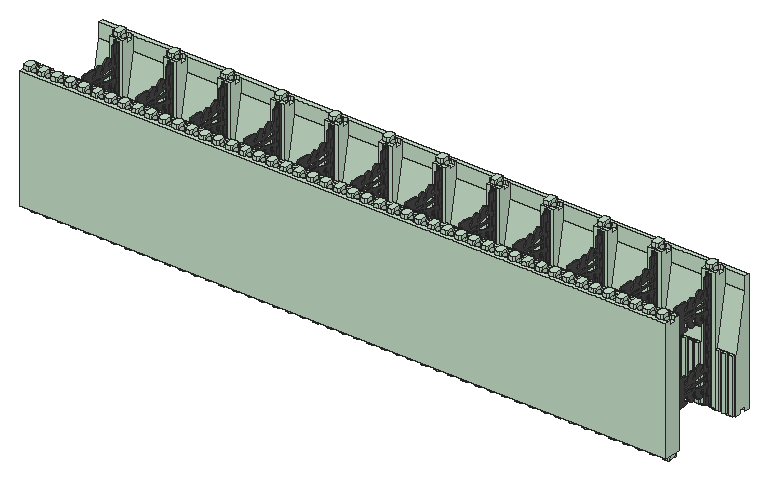
Revit family "ICF- NUDURA 10-inch- Single Sided Taper Top- Imperial", category Generic Models, Revit 2010 (continued)
Forms (in)
  Extrusion 106, void
    sketch origin (90, -4, 0) x (-1, 0, 0) y (0, -1, 0)
      loop
        line (2, 3.97692) -> (2, 4.89808)
        arc (2, 4.89808) -> (1.95215, 5.04517) -> (1.82692, 5.13595) r 0.25
        arc (1.82692, 5.13595) -> (1.5, 5.1875) -> (1.17308, 5.13595) r 1.0625
        arc (1.17308, 5.13595) -> (1.04785, 5.04517) -> (1, 4.89808) r 0.25
    from 0 to 0.5
  Extrusion 107, void
    sketch origin (92, -4, 0) x (-1, 0, 0) y (0, -1, 0)
      loop
        line (1, 4.89808) -> (1, 3.97692)
        arc (1, 3.97692) -> (1.04785, 3.82983) -> (1.17308, 3.73905) r 0.25
        arc (1.17308, 3.73905) -> (1.42092, 3.69045) -> (1.67323, 3.70172) r 1.0625
        arc (1.67323, 3.70172) -> (1.72385, 3.68771) -> (1.74592, 3.64005) r 0.0625
        line (1.74592, 3.64005) -> (1.74592, 3.41845) -> (1.91675, 3.41845) -> (1.91675, 3.76455)
        arc (1.91675, 3.76455) -> (1.92106, 3.78736) -> (1.9334, 3.80702) r 0.0625
        arc (1.9334, 3.80702) -> (1.98276, 3.88568) -> (2, 3.97692) r 0.25
        line (2, 3.97692) -> (2, 4.89808)
        arc (2, 4.89808) -> (1.95215, 5.04517) -> (1.82692, 5.13595) r 0.25
        arc (1.82692, 5.13595) -> (1.5, 5.1875) -> (1.17308, 5.13595) r 1.0625
        arc (1.17308, 5.13595) -> (1.04785, 5.04517) -> (1, 4.89808) r 0.25
    from 0 to 0.5
  Extrusion 108, void
    sketch origin (94, -4, 0) x (-1, 0, 0) y (0, -1, 0)
      loop
        line (1, 4.89808) -> (1, 3.97692)
        arc (1, 3.97692) -> (1.04785, 3.82983) -> (1.17308, 3.73905) r 0.25
        arc (1.17308, 3.73905) -> (1.42092, 3.69045) -> (1.67323, 3.70172) r 1.0625
        arc (1.67323, 3.70172) -> (1.72385, 3.68771) -> (1.74592, 3.64005) r 0.0625
        line (1.74592, 3.64005) -> (1.74592, 3.41845) -> (1.91675, 3.41845) -> (1.91675, 3.76455)
        arc (1.91675, 3.76455) -> (1.92106, 3.78736) -> (1.9334, 3.80702) r 0.0625
        arc (1.9334, 3.80702) -> (1.98276, 3.88568) -> (2, 3.97692) r 0.25
        line (2, 3.97692) -> (2, 4.89808)
        arc (2, 4.89808) -> (1.95215, 5.04517) -> (1.82692, 5.13595) r 0.25
        arc (1.82692, 5.13595) -> (1.5, 5.1875) -> (1.17308, 5.13595) r 1.0625
        arc (1.17308, 5.13595) -> (1.04785, 5.04517) -> (1, 4.89808) r 0.25
    from 0 to 0.5
  Extrusion 109, void
    sketch origin (96, -4, 0) x (-1, 0, 0) y (0, -1, 0)
      loop
        line (1, 4.89808) -> (1, 3.97692)
        arc (1, 3.97692) -> (1.04785, 3.82983) -> (1.17308, 3.73905) r 0.25
        arc (1.17308, 3.73905) -> (1.42092, 3.69045) -> (1.67323, 3.70172) r 1.0625
        arc (1.67323, 3.70172) -> (1.72385, 3.68771) -> (1.74592, 3.64005) r 0.0625
        line (1.74592, 3.64005) -> (1.74592, 3.41845) -> (1.91675, 3.41845) -> (1.91675, 3.76455)
        arc (1.91675, 3.76455) -> (1.92106, 3.78736) -> (1.9334, 3.80702) r 0.0625
        arc (1.9334, 3.80702) -> (1.98276, 3.88568) -> (2, 3.97692) r 0.25
        line (2, 3.97692) -> (2, 4.89808)
        arc (2, 4.89808) -> (1.95215, 5.04517) -> (1.82692, 5.13595) r 0.25
        arc (1.82692, 5.13595) -> (1.5, 5.1875) -> (1.17308, 5.13595) r 1.0625
        arc (1.17308, 5.13595) -> (1.04785, 5.04517) -> (1, 4.89808) r 0.25
    from 0 to 0.5
  Extrusion 110, void
    sketch origin (94, 0, 0) x (1, 0, 0) y (0, 1, 0)
      loop
        line (1, 4.89808) -> (1, 3.97692)
        arc (1, 3.97692) -> (1.04785, 3.82983) -> (1.17308, 3.73905) r 0.25
        arc (1.17308, 3.73905) -> (1.42092, 3.69045) -> (1.67323, 3.70172) r 1.0625
        arc (1.67323, 3.70172) -> (1.72385, 3.68771) -> (1.74592, 3.64005) r 0.0625
        line (1.74592, 3.64005) -> (1.74592, 3.41845) -> (1.91675, 3.41845) -> (1.91675, 3.76455)
        arc (1.91675, 3.76455) -> (1.92106, 3.78736) -> (1.9334, 3.80702) r 0.0625
        arc (1.9334, 3.80702) -> (1.98276, 3.88568) -> (2, 3.97692) r 0.25
        line (2, 3.97692) -> (2, 4.89808)
        arc (2, 4.89808) -> (1.95215, 5.04517) -> (1.82692, 5.13595) r 0.25
        arc (1.82692, 5.13595) -> (1.5, 5.1875) -> (1.17308, 5.13595) r 1.0625
        arc (1.17308, 5.13595) -> (1.04785, 5.04517) -> (1, 4.89808) r 0.25
    from 0 to 0.5
  Extrusion 111, void
    sketch origin (92, 0, 0) x (1, 0, 0) y (0, 1, 0)
      loop
        line (1, 4.89808) -> (1, 3.97692)
        arc (1, 3.97692) -> (1.04785, 3.82983) -> (1.17308, 3.73905) r 0.25
        arc (1.17308, 3.73905) -> (1.42092, 3.69045) -> (1.67323, 3.70172) r 1.0625
        arc (1.67323, 3.70172) -> (1.72385, 3.68771) -> (1.74592, 3.64005) r 0.0625
        line (1.74592, 3.64005) -> (1.74592, 3.41845) -> (1.91675, 3.41845) -> (1.91675, 3.76455)
        arc (1.91675, 3.76455) -> (1.92106, 3.78736) -> (1.9334, 3.80702) r 0.0625
        arc (1.9334, 3.80702) -> (1.98276, 3.88568) -> (2, 3.97692) r 0.25
        line (2, 3.97692) -> (2, 4.89808)
        arc (2, 4.89808) -> (1.95215, 5.04517) -> (1.82692, 5.13595) r 0.25
        arc (1.82692, 5.13595) -> (1.5, 5.1875) -> (1.17308, 5.13595) r 1.0625
        arc (1.17308, 5.13595) -> (1.04785, 5.04517) -> (1, 4.89808) r 0.25
    from 0 to 0.5
  Extrusion 112, void
    sketch origin (90, 0, 0) x (1, 0, 0) y (0, 1, 0)
      loop
        line (1, 4.89808) -> (1, 3.97692)
        arc (1, 3.97692) -> (1.04785, 3.82983) -> (1.17308, 3.73905) r 0.25
        arc (1.17308, 3.73905) -> (1.42092, 3.69045) -> (1.67323, 3.70172) r 1.0625
        arc (1.67323, 3.70172) -> (1.72385, 3.68771) -> (1.74592, 3.64005) r 0.0625
        line (1.74592, 3.64005) -> (1.74592, 3.41845) -> (1.91675, 3.41845) -> (1.91675, 3.76455)
        arc (1.91675, 3.76455) -> (1.92106, 3.78736) -> (1.9334, 3.80702) r 0.0625
        arc (1.9334, 3.80702) -> (1.98276, 3.88568) -> (2, 3.97692) r 0.25
        line (2, 3.97692) -> (2, 4.89808)
        arc (2, 4.89808) -> (1.95215, 5.04517) -> (1.82692, 5.13595) r 0.25
        arc (1.82692, 5.13595) -> (1.5, 5.1875) -> (1.17308, 5.13595) r 1.0625
        arc (1.17308, 5.13595) -> (1.04785, 5.04517) -> (1, 4.89808) r 0.25
    from 0 to 0.5
  Extrusion 113, void
    sketch origin (88, 0, 0) x (1, 0, 0) y (0, 1, 0)
      loop
        line (1, 4.89808) -> (1, 3.97692)
        arc (1, 3.97692) -> (1.04785, 3.82983) -> (1.17308, 3.73905) r 0.25
        arc (1.17308, 3.73905) -> (1.42092, 3.69045) -> (1.67323, 3.70172) r 1.0625
        arc (1.67323, 3.70172) -> (1.72385, 3.68771) -> (1.74592, 3.64005) r 0.0625
        line (1.74592, 3.64005) -> (1.74592, 3.41845) -> (1.91675, 3.41845) -> (1.91675, 3.76455)
        arc (1.91675, 3.76455) -> (1.92106, 3.78736) -> (1.9334, 3.80702) r 0.0625
        arc (1.9334, 3.80702) -> (1.98276, 3.88568) -> (2, 3.97692) r 0.25
        line (2, 3.97692) -> (2, 4.89808)
        arc (2, 4.89808) -> (1.95215, 5.04517) -> (1.82692, 5.13595) r 0.25
        arc (1.82692, 5.13595) -> (1.5, 5.1875) -> (1.17308, 5.13595) r 1.0625
        arc (1.17308, 5.13595) -> (1.04785, 5.04517) -> (1, 4.89808) r 0.25
    from 0 to 0.5
  Extrusion 114, void
    sketch origin (86, 0, 0) x (1, 0, 0) y (0, 1, 0)
      loop
        line (1, 4.89808) -> (1, 3.97692)
        arc (1, 3.97692) -> (1.04785, 3.82983) -> (1.17308, 3.73905) r 0.25
        arc (1.17308, 3.73905) -> (1.42092, 3.69045) -> (1.67323, 3.70172) r 1.0625
        arc (1.67323, 3.70172) -> (1.72385, 3.68771) -> (1.74592, 3.64005) r 0.0625
        line (1.74592, 3.64005) -> (1.74592, 3.41845) -> (1.91675, 3.41845) -> (1.91675, 3.76455)
        arc (1.91675, 3.76455) -> (1.92106, 3.78736) -> (1.9334, 3.80702) r 0.0625
        arc (1.9334, 3.80702) -> (1.98276, 3.88568) -> (2, 3.97692) r 0.25
        line (2, 3.97692) -> (2, 4.89808)
        arc (2, 4.89808) -> (1.95215, 5.04517) -> (1.82692, 5.13595) r 0.25
        arc (1.82692, 5.13595) -> (1.5, 5.1875) -> (1.17308, 5.13595) r 1.0625
        arc (1.17308, 5.13595) -> (1.04785, 5.04517) -> (1, 4.89808) r 0.25
    from 0 to 0.5
  Extrusion 115, void
    sketch origin (84, 0, 0) x (1, 0, 0) y (0, 1, 0)
      loop
        line (1, 4.89808) -> (1, 3.97692)
        arc (1, 3.97692) -> (1.04785, 3.82983) -> (1.17308, 3.73905) r 0.25
        arc (1.17308, 3.73905) -> (1.42092, 3.69045) -> (1.67323, 3.70172) r 1.0625
        arc (1.67323, 3.70172) -> (1.72385, 3.68771) -> (1.74592, 3.64005) r 0.0625
        line (1.74592, 3.64005) -> (1.74592, 3.41845) -> (1.91675, 3.41845) -> (1.91675, 3.76455)
        arc (1.91675, 3.76455) -> (1.92106, 3.78736) -> (1.9334, 3.80702) r 0.0625
        arc (1.9334, 3.80702) -> (1.98276, 3.88568) -> (2, 3.97692) r 0.25
        line (2, 3.97692) -> (2, 4.89808)
        arc (2, 4.89808) -> (1.95215, 5.04517) -> (1.82692, 5.13595) r 0.25
        arc (1.82692, 5.13595) -> (1.5, 5.1875) -> (1.17308, 5.13595) r 1.0625
        arc (1.17308, 5.13595) -> (1.04785, 5.04517) -> (1, 4.89808) r 0.25
    from 0 to 0.5
  Extrusion 116, void
    sketch origin (82, 0, 0) x (1, 0, 0) y (0, 1, 0)
      loop
        line (1, 4.89808) -> (1, 3.97692)
        arc (1, 3.97692) -> (1.04785, 3.82983) -> (1.17308, 3.73905) r 0.25
        arc (1.17308, 3.73905) -> (1.42092, 3.69045) -> (1.67323, 3.70172) r 1.0625
        arc (1.67323, 3.70172) -> (1.72385, 3.68771) -> (1.74592, 3.64005) r 0.0625
        line (1.74592, 3.64005) -> (1.74592, 3.41845) -> (1.91675, 3.41845) -> (1.91675, 3.76455)
        arc (1.91675, 3.76455) -> (1.92106, 3.78736) -> (1.9334, 3.80702) r 0.0625
        arc (1.9334, 3.80702) -> (1.98276, 3.88568) -> (2, 3.97692) r 0.25
        line (2, 3.97692) -> (2, 4.89808)
        arc (2, 4.89808) -> (1.95215, 5.04517) -> (1.82692, 5.13595) r 0.25
        arc (1.82692, 5.13595) -> (1.5, 5.1875) -> (1.17308, 5.13595) r 1.0625
        arc (1.17308, 5.13595) -> (1.04785, 5.04517) -> (1, 4.89808) r 0.25
    from 0 to 0.5
  Extrusion 117, void
    sketch origin (80, 0, 0) x (1, 0, 0) y (0, 1, 0)
      loop
        line (1, 4.89808) -> (1, 3.97692)
        arc (1, 3.97692) -> (1.04785, 3.82983) -> (1.17308, 3.73905) r 0.25
        arc (1.17308, 3.73905) -> (1.42092, 3.69045) -> (1.67323, 3.70172) r 1.0625
        arc (1.67323, 3.70172) -> (1.72385, 3.68771) -> (1.74592, 3.64005) r 0.0625
        line (1.74592, 3.64005) -> (1.74592, 3.41845) -> (1.91675, 3.41845) -> (1.91675, 3.76455)
        arc (1.91675, 3.76455) -> (1.92106, 3.78736) -> (1.9334, 3.80702) r 0.0625
        arc (1.9334, 3.80702) -> (1.98276, 3.88568) -> (2, 3.97692) r 0.25
        line (2, 3.97692) -> (2, 4.89808)
        arc (2, 4.89808) -> (1.95215, 5.04517) -> (1.82692, 5.13595) r 0.25
        arc (1.82692, 5.13595) -> (1.5, 5.1875) -> (1.17308, 5.13595) r 1.0625
        arc (1.17308, 5.13595) -> (1.04785, 5.04517) -> (1, 4.89808) r 0.25
    from 0 to 0.5
  Extrusion 118, void
    sketch origin (78, 0, 0) x (1, 0, 0) y (0, 1, 0)
      loop
        line (1, 4.89808) -> (1, 3.97692)
        arc (1, 3.97692) -> (1.04785, 3.82983) -> (1.17308, 3.73905) r 0.25
        arc (1.17308, 3.73905) -> (1.42092, 3.69045) -> (1.67323, 3.70172) r 1.0625
        arc (1.67323, 3.70172) -> (1.72385, 3.68771) -> (1.74592, 3.64005) r 0.0625
        line (1.74592, 3.64005) -> (1.74592, 3.41845) -> (1.91675, 3.41845) -> (1.91675, 3.76455)
        arc (1.91675, 3.76455) -> (1.92106, 3.78736) -> (1.9334, 3.80702) r 0.0625
        arc (1.9334, 3.80702) -> (1.98276, 3.88568) -> (2, 3.97692) r 0.25
        line (2, 3.97692) -> (2, 4.89808)
        arc (2, 4.89808) -> (1.95215, 5.04517) -> (1.82692, 5.13595) r 0.25
        arc (1.82692, 5.13595) -> (1.5, 5.1875) -> (1.17308, 5.13595) r 1.0625
        arc (1.17308, 5.13595) -> (1.04785, 5.04517) -> (1, 4.89808) r 0.25
    from 0 to 0.5
  Extrusion 119, void
    sketch origin (76, 0, 0) x (1, 0, 0) y (0, 1, 0)
      loop
        line (1, 4.89808) -> (1, 3.97692)
        arc (1, 3.97692) -> (1.04785, 3.82983) -> (1.17308, 3.73905) r 0.25
        arc (1.17308, 3.73905) -> (1.42092, 3.69045) -> (1.67323, 3.70172) r 1.0625
        arc (1.67323, 3.70172) -> (1.72385, 3.68771) -> (1.74592, 3.64005) r 0.0625
        line (1.74592, 3.64005) -> (1.74592, 3.41845) -> (1.91675, 3.41845) -> (1.91675, 3.76455)
        arc (1.91675, 3.76455) -> (1.92106, 3.78736) -> (1.9334, 3.80702) r 0.0625
        arc (1.9334, 3.80702) -> (1.98276, 3.88568) -> (2, 3.97692) r 0.25
        line (2, 3.97692) -> (2, 4.89808)
        arc (2, 4.89808) -> (1.95215, 5.04517) -> (1.82692, 5.13595) r 0.25
        arc (1.82692, 5.13595) -> (1.5, 5.1875) -> (1.17308, 5.13595) r 1.0625
        arc (1.17308, 5.13595) -> (1.04785, 5.04517) -> (1, 4.89808) r 0.25
    from 0 to 0.5
  Extrusion 120, void
    sketch origin (74, 0, 0) x (1, 0, 0) y (0, 1, 0)
      loop
        line (1, 4.89808) -> (1, 3.97692)
        arc (1, 3.97692) -> (1.04785, 3.82983) -> (1.17308, 3.73905) r 0.25
        arc (1.17308, 3.73905) -> (1.42092, 3.69045) -> (1.67323, 3.70172) r 1.0625
        arc (1.67323, 3.70172) -> (1.72385, 3.68771) -> (1.74592, 3.64005) r 0.0625
        line (1.74592, 3.64005) -> (1.74592, 3.41845) -> (1.91675, 3.41845) -> (1.91675, 3.76455)
        arc (1.91675, 3.76455) -> (1.92106, 3.78736) -> (1.9334, 3.80702) r 0.0625
        arc (1.9334, 3.80702) -> (1.98276, 3.88568) -> (2, 3.97692) r 0.25
        line (2, 3.97692) -> (2, 4.89808)
        arc (2, 4.89808) -> (1.95215, 5.04517) -> (1.82692, 5.13595) r 0.25
        arc (1.82692, 5.13595) -> (1.5, 5.1875) -> (1.17308, 5.13595) r 1.0625
        arc (1.17308, 5.13595) -> (1.04785, 5.04517) -> (1, 4.89808) r 0.25
    from 0 to 0.5
  Extrusion 121, void
    sketch origin (72, 0, 0) x (1, 0, 0) y (0, 1, 0)
      loop
        line (1, 4.89808) -> (1, 3.97692)
        arc (1, 3.97692) -> (1.04785, 3.82983) -> (1.17308, 3.73905) r 0.25
        arc (1.17308, 3.73905) -> (1.42092, 3.69045) -> (1.67323, 3.70172) r 1.0625
        arc (1.67323, 3.70172) -> (1.72385, 3.68771) -> (1.74592, 3.64005) r 0.0625
        line (1.74592, 3.64005) -> (1.74592, 3.41845) -> (1.91675, 3.41845) -> (1.91675, 3.76455)
        arc (1.91675, 3.76455) -> (1.92106, 3.78736) -> (1.9334, 3.80702) r 0.0625
        arc (1.9334, 3.80702) -> (1.98276, 3.88568) -> (2, 3.97692) r 0.25
        line (2, 3.97692) -> (2, 4.89808)
        arc (2, 4.89808) -> (1.95215, 5.04517) -> (1.82692, 5.13595) r 0.25
        arc (1.82692, 5.13595) -> (1.5, 5.1875) -> (1.17308, 5.13595) r 1.0625
        arc (1.17308, 5.13595) -> (1.04785, 5.04517) -> (1, 4.89808) r 0.25
    from 0 to 0.5
  Extrusion 122, void
    sketch origin (70, 0, 0) x (1, 0, 0) y (0, 1, 0)
      loop
        line (1, 4.89808) -> (1, 3.97692)
        arc (1, 3.97692) -> (1.04785, 3.82983) -> (1.17308, 3.73905) r 0.25
        arc (1.17308, 3.73905) -> (1.42092, 3.69045) -> (1.67323, 3.70172) r 1.0625
        arc (1.67323, 3.70172) -> (1.72385, 3.68771) -> (1.74592, 3.64005) r 0.0625
        line (1.74592, 3.64005) -> (1.74592, 3.41845) -> (1.91675, 3.41845) -> (1.91675, 3.76455)
        arc (1.91675, 3.76455) -> (1.92106, 3.78736) -> (1.9334, 3.80702) r 0.0625
        arc (1.9334, 3.80702) -> (1.98276, 3.88568) -> (2, 3.97692) r 0.25
        line (2, 3.97692) -> (2, 4.89808)
        arc (2, 4.89808) -> (1.95215, 5.04517) -> (1.82692, 5.13595) r 0.25
        arc (1.82692, 5.13595) -> (1.5, 5.1875) -> (1.17308, 5.13595) r 1.0625
        arc (1.17308, 5.13595) -> (1.04785, 5.04517) -> (1, 4.89808) r 0.25
    from 0 to 0.5
  Extrusion 123, void
    sketch origin (68, 0, 0) x (1, 0, 0) y (0, 1, 0)
      loop
        line (1, 4.89808) -> (1, 3.97692)
        arc (1, 3.97692) -> (1.04785, 3.82983) -> (1.17308, 3.73905) r 0.25
        arc (1.17308, 3.73905) -> (1.42092, 3.69045) -> (1.67323, 3.70172) r 1.0625
        arc (1.67323, 3.70172) -> (1.72385, 3.68771) -> (1.74592, 3.64005) r 0.0625
        line (1.74592, 3.64005) -> (1.74592, 3.41845) -> (1.91675, 3.41845) -> (1.91675, 3.76455)
        arc (1.91675, 3.76455) -> (1.92106, 3.78736) -> (1.9334, 3.80702) r 0.0625
        arc (1.9334, 3.80702) -> (1.98276, 3.88568) -> (2, 3.97692) r 0.25
        line (2, 3.97692) -> (2, 4.89808)
        arc (2, 4.89808) -> (1.95215, 5.04517) -> (1.82692, 5.13595) r 0.25
        arc (1.82692, 5.13595) -> (1.5, 5.1875) -> (1.17308, 5.13595) r 1.0625
        arc (1.17308, 5.13595) -> (1.04785, 5.04517) -> (1, 4.89808) r 0.25
    from 0 to 0.5
  Extrusion 124, void
    sketch origin (66, 0, 0) x (1, 0, 0) y (0, 1, 0)
      loop
        line (1, 4.89808) -> (1, 3.97692)
        arc (1, 3.97692) -> (1.04785, 3.82983) -> (1.17308, 3.73905) r 0.25
        arc (1.17308, 3.73905) -> (1.42092, 3.69045) -> (1.67323, 3.70172) r 1.0625
        arc (1.67323, 3.70172) -> (1.72385, 3.68771) -> (1.74592, 3.64005) r 0.0625
        line (1.74592, 3.64005) -> (1.74592, 3.41845) -> (1.91675, 3.41845) -> (1.91675, 3.76455)
        arc (1.91675, 3.76455) -> (1.92106, 3.78736) -> (1.9334, 3.80702) r 0.0625
        arc (1.9334, 3.80702) -> (1.98276, 3.88568) -> (2, 3.97692) r 0.25
        line (2, 3.97692) -> (2, 4.89808)
        arc (2, 4.89808) -> (1.95215, 5.04517) -> (1.82692, 5.13595) r 0.25
        arc (1.82692, 5.13595) -> (1.5, 5.1875) -> (1.17308, 5.13595) r 1.0625
        arc (1.17308, 5.13595) -> (1.04785, 5.04517) -> (1, 4.89808) r 0.25
    from 0 to 0.5
  Extrusion 125, void
    sketch origin (64, 0, 0) x (1, 0, 0) y (0, 1, 0)
      loop
        line (1, 4.89808) -> (1, 3.97692)
        arc (1, 3.97692) -> (1.04785, 3.82983) -> (1.17308, 3.73905) r 0.25
        arc (1.17308, 3.73905) -> (1.42092, 3.69045) -> (1.67323, 3.70172) r 1.0625
        arc (1.67323, 3.70172) -> (1.72385, 3.68771) -> (1.74592, 3.64005) r 0.0625
        line (1.74592, 3.64005) -> (1.74592, 3.41845) -> (1.91675, 3.41845) -> (1.91675, 3.76455)
        arc (1.91675, 3.76455) -> (1.92106, 3.78736) -> (1.9334, 3.80702) r 0.0625
        arc (1.9334, 3.80702) -> (1.98276, 3.88568) -> (2, 3.97692) r 0.25
        line (2, 3.97692) -> (2, 4.89808)
        arc (2, 4.89808) -> (1.95215, 5.04517) -> (1.82692, 5.13595) r 0.25
        arc (1.82692, 5.13595) -> (1.5, 5.1875) -> (1.17308, 5.13595) r 1.0625
        arc (1.17308, 5.13595) -> (1.04785, 5.04517) -> (1, 4.89808) r 0.25
    from 0 to 0.5
  Extrusion 126, void
    sketch origin (62, 0, 0) x (1, 0, 0) y (0, 1, 0)
      loop
        line (1, 4.89808) -> (1, 3.97692)
        arc (1, 3.97692) -> (1.04785, 3.82983) -> (1.17308, 3.73905) r 0.25
        arc (1.17308, 3.73905) -> (1.42092, 3.69045) -> (1.67323, 3.70172) r 1.0625
        arc (1.67323, 3.70172) -> (1.72385, 3.68771) -> (1.74592, 3.64005) r 0.0625
        line (1.74592, 3.64005) -> (1.74592, 3.41845) -> (1.91675, 3.41845) -> (1.91675, 3.76455)
        arc (1.91675, 3.76455) -> (1.92106, 3.78736) -> (1.9334, 3.80702) r 0.0625
        arc (1.9334, 3.80702) -> (1.98276, 3.88568) -> (2, 3.97692) r 0.25
        line (2, 3.97692) -> (2, 4.89808)
        arc (2, 4.89808) -> (1.95215, 5.04517) -> (1.82692, 5.13595) r 0.25
        arc (1.82692, 5.13595) -> (1.5, 5.1875) -> (1.17308, 5.13595) r 1.0625
        arc (1.17308, 5.13595) -> (1.04785, 5.04517) -> (1, 4.89808) r 0.25
    from 0 to 0.5
  Extrusion 127, void
    sketch origin (60, 0, 0) x (1, 0, 0) y (0, 1, 0)
      loop
        line (1, 4.89808) -> (1, 3.97692)
        arc (1, 3.97692) -> (1.04785, 3.82983) -> (1.17308, 3.73905) r 0.25
        arc (1.17308, 3.73905) -> (1.42092, 3.69045) -> (1.67323, 3.70172) r 1.0625
        arc (1.67323, 3.70172) -> (1.72385, 3.68771) -> (1.74592, 3.64005) r 0.0625
        line (1.74592, 3.64005) -> (1.74592, 3.41845) -> (1.91675, 3.41845) -> (1.91675, 3.76455)
        arc (1.91675, 3.76455) -> (1.92106, 3.78736) -> (1.9334, 3.80702) r 0.0625
        arc (1.9334, 3.80702) -> (1.98276, 3.88568) -> (2, 3.97692) r 0.25
        line (2, 3.97692) -> (2, 4.89808)
        arc (2, 4.89808) -> (1.95215, 5.04517) -> (1.82692, 5.13595) r 0.25
        arc (1.82692, 5.13595) -> (1.5, 5.1875) -> (1.17308, 5.13595) r 1.0625
        arc (1.17308, 5.13595) -> (1.04785, 5.04517) -> (1, 4.89808) r 0.25
    from 0 to 0.5
  Extrusion 128, void
    sketch origin (58, 0, 0) x (1, 0, 0) y (0, 1, 0)
      loop
        line (1, 4.89808) -> (1, 3.97692)
        arc (1, 3.97692) -> (1.04785, 3.82983) -> (1.17308, 3.73905) r 0.25
        arc (1.17308, 3.73905) -> (1.42092, 3.69045) -> (1.67323, 3.70172) r 1.0625
        arc (1.67323, 3.70172) -> (1.72385, 3.68771) -> (1.74592, 3.64005) r 0.0625
        line (1.74592, 3.64005) -> (1.74592, 3.41845) -> (1.91675, 3.41845) -> (1.91675, 3.76455)
        arc (1.91675, 3.76455) -> (1.92106, 3.78736) -> (1.9334, 3.80702) r 0.0625
        arc (1.9334, 3.80702) -> (1.98276, 3.88568) -> (2, 3.97692) r 0.25
        line (2, 3.97692) -> (2, 4.89808)
        arc (2, 4.89808) -> (1.95215, 5.04517) -> (1.82692, 5.13595) r 0.25
        arc (1.82692, 5.13595) -> (1.5, 5.1875) -> (1.17308, 5.13595) r 1.0625
        arc (1.17308, 5.13595) -> (1.04785, 5.04517) -> (1, 4.89808) r 0.25
    from 0 to 0.5
  Extrusion 129, void
    sketch origin (56, 0, 0) x (1, 0, 0) y (0, 1, 0)
      loop
        line (1, 4.89808) -> (1, 3.97692)
        arc (1, 3.97692) -> (1.04785, 3.82983) -> (1.17308, 3.73905) r 0.25
        arc (1.17308, 3.73905) -> (1.42092, 3.69045) -> (1.67323, 3.70172) r 1.0625
        arc (1.67323, 3.70172) -> (1.72385, 3.68771) -> (1.74592, 3.64005) r 0.0625
        line (1.74592, 3.64005) -> (1.74592, 3.41845) -> (1.91675, 3.41845) -> (1.91675, 3.76455)
        arc (1.91675, 3.76455) -> (1.92106, 3.78736) -> (1.9334, 3.80702) r 0.0625
        arc (1.9334, 3.80702) -> (1.98276, 3.88568) -> (2, 3.97692) r 0.25
        line (2, 3.97692) -> (2, 4.89808)
        arc (2, 4.89808) -> (1.95215, 5.04517) -> (1.82692, 5.13595) r 0.25
        arc (1.82692, 5.13595) -> (1.5, 5.1875) -> (1.17308, 5.13595) r 1.0625
        arc (1.17308, 5.13595) -> (1.04785, 5.04517) -> (1, 4.89808) r 0.25
    from 0 to 0.5
  Extrusion 130, void
    sketch origin (54, 0, 0) x (1, 0, 0) y (0, 1, 0)
      loop
        line (1, 4.89808) -> (1, 3.97692)
        arc (1, 3.97692) -> (1.04785, 3.82983) -> (1.17308, 3.73905) r 0.25
        arc (1.17308, 3.73905) -> (1.42092, 3.69045) -> (1.67323, 3.70172) r 1.0625
        arc (1.67323, 3.70172) -> (1.72385, 3.68771) -> (1.74592, 3.64005) r 0.0625
        line (1.74592, 3.64005) -> (1.74592, 3.41845) -> (1.91675, 3.41845) -> (1.91675, 3.76455)
        arc (1.91675, 3.76455) -> (1.92106, 3.78736) -> (1.9334, 3.80702) r 0.0625
        arc (1.9334, 3.80702) -> (1.98276, 3.88568) -> (2, 3.97692) r 0.25
        line (2, 3.97692) -> (2, 4.89808)
        arc (2, 4.89808) -> (1.95215, 5.04517) -> (1.82692, 5.13595) r 0.25
        arc (1.82692, 5.13595) -> (1.5, 5.1875) -> (1.17308, 5.13595) r 1.0625
        arc (1.17308, 5.13595) -> (1.04785, 5.04517) -> (1, 4.89808) r 0.25
    from 0 to 0.5
  Extrusion 131, void
    sketch origin (52, 0, 0) x (1, 0, 0) y (0, 1, 0)
      loop
        line (1, 4.89808) -> (1, 3.97692)
        arc (1, 3.97692) -> (1.04785, 3.82983) -> (1.17308, 3.73905) r 0.25
        arc (1.17308, 3.73905) -> (1.42092, 3.69045) -> (1.67323, 3.70172) r 1.0625
        arc (1.67323, 3.70172) -> (1.72385, 3.68771) -> (1.74592, 3.64005) r 0.0625
        line (1.74592, 3.64005) -> (1.74592, 3.41845) -> (1.91675, 3.41845) -> (1.91675, 3.76455)
        arc (1.91675, 3.76455) -> (1.92106, 3.78736) -> (1.9334, 3.80702) r 0.0625
        arc (1.9334, 3.80702) -> (1.98276, 3.88568) -> (2, 3.97692) r 0.25
        line (2, 3.97692) -> (2, 4.89808)
        arc (2, 4.89808) -> (1.95215, 5.04517) -> (1.82692, 5.13595) r 0.25
        arc (1.82692, 5.13595) -> (1.5, 5.1875) -> (1.17308, 5.13595) r 1.0625
        arc (1.17308, 5.13595) -> (1.04785, 5.04517) -> (1, 4.89808) r 0.25
    from 0 to 0.5
  Extrusion 132, void
    sketch origin (50, 0, 0) x (1, 0, 0) y (0, 1, 0)
      loop
        line (1, 4.89808) -> (1, 3.97692)
        arc (1, 3.97692) -> (1.04785, 3.82983) -> (1.17308, 3.73905) r 0.25
        arc (1.17308, 3.73905) -> (1.42092, 3.69045) -> (1.67323, 3.70172) r 1.0625
        arc (1.67323, 3.70172) -> (1.72385, 3.68771) -> (1.74592, 3.64005) r 0.0625
        line (1.74592, 3.64005) -> (1.74592, 3.41845) -> (1.91675, 3.41845) -> (1.91675, 3.76455)
        arc (1.91675, 3.76455) -> (1.92106, 3.78736) -> (1.9334, 3.80702) r 0.0625
        arc (1.9334, 3.80702) -> (1.98276, 3.88568) -> (2, 3.97692) r 0.25
        line (2, 3.97692) -> (2, 4.89808)
        arc (2, 4.89808) -> (1.95215, 5.04517) -> (1.82692, 5.13595) r 0.25
        arc (1.82692, 5.13595) -> (1.5, 5.1875) -> (1.17308, 5.13595) r 1.0625
        arc (1.17308, 5.13595) -> (1.04785, 5.04517) -> (1, 4.89808) r 0.25
    from 0 to 0.5
  Extrusion 133, void
    sketch origin (48, 0, 0) x (1, 0, 0) y (0, 1, 0)
      loop
        line (1, 4.89808) -> (1, 3.97692)
        arc (1, 3.97692) -> (1.04785, 3.82983) -> (1.17308, 3.73905) r 0.25
        arc (1.17308, 3.73905) -> (1.42092, 3.69045) -> (1.67323, 3.70172) r 1.0625
        arc (1.67323, 3.70172) -> (1.72385, 3.68771) -> (1.74592, 3.64005) r 0.0625
        line (1.74592, 3.64005) -> (1.74592, 3.41845) -> (1.91675, 3.41845) -> (1.91675, 3.76455)
        arc (1.91675, 3.76455) -> (1.92106, 3.78736) -> (1.9334, 3.80702) r 0.0625
        arc (1.9334, 3.80702) -> (1.98276, 3.88568) -> (2, 3.97692) r 0.25
        line (2, 3.97692) -> (2, 4.89808)
        arc (2, 4.89808) -> (1.95215, 5.04517) -> (1.82692, 5.13595) r 0.25
        arc (1.82692, 5.13595) -> (1.5, 5.1875) -> (1.17308, 5.13595) r 1.0625
        arc (1.17308, 5.13595) -> (1.04785, 5.04517) -> (1, 4.89808) r 0.25
    from 0 to 0.5
  Extrusion 134, void
    sketch origin (46, 0, 0) x (1, 0, 0) y (0, 1, 0)
      loop
        line (1, 4.89808) -> (1, 3.97692)
        arc (1, 3.97692) -> (1.04785, 3.82983) -> (1.17308, 3.73905) r 0.25
        arc (1.17308, 3.73905) -> (1.42092, 3.69045) -> (1.67323, 3.70172) r 1.0625
        arc (1.67323, 3.70172) -> (1.72385, 3.68771) -> (1.74592, 3.64005) r 0.0625
        line (1.74592, 3.64005) -> (1.74592, 3.41845) -> (1.91675, 3.41845) -> (1.91675, 3.76455)
        arc (1.91675, 3.76455) -> (1.92106, 3.78736) -> (1.9334, 3.80702) r 0.0625
        arc (1.9334, 3.80702) -> (1.98276, 3.88568) -> (2, 3.97692) r 0.25
        line (2, 3.97692) -> (2, 4.89808)
        arc (2, 4.89808) -> (1.95215, 5.04517) -> (1.82692, 5.13595) r 0.25
        arc (1.82692, 5.13595) -> (1.5, 5.1875) -> (1.17308, 5.13595) r 1.0625
        arc (1.17308, 5.13595) -> (1.04785, 5.04517) -> (1, 4.89808) r 0.25
    from 0 to 0.5
  Extrusion 135, void
    sketch origin (44, 0, 0) x (1, 0, 0) y (0, 1, 0)
      loop
        line (1, 4.89808) -> (1, 3.97692)
        arc (1, 3.97692) -> (1.04785, 3.82983) -> (1.17308, 3.73905) r 0.25
        arc (1.17308, 3.73905) -> (1.42092, 3.69045) -> (1.67323, 3.70172) r 1.0625
        arc (1.67323, 3.70172) -> (1.72385, 3.68771) -> (1.74592, 3.64005) r 0.0625
        line (1.74592, 3.64005) -> (1.74592, 3.41845) -> (1.91675, 3.41845) -> (1.91675, 3.76455)
        arc (1.91675, 3.76455) -> (1.92106, 3.78736) -> (1.9334, 3.80702) r 0.0625
        arc (1.9334, 3.80702) -> (1.98276, 3.88568) -> (2, 3.97692) r 0.25
        line (2, 3.97692) -> (2, 4.89808)
        arc (2, 4.89808) -> (1.95215, 5.04517) -> (1.82692, 5.13595) r 0.25
        arc (1.82692, 5.13595) -> (1.5, 5.1875) -> (1.17308, 5.13595) r 1.0625
        arc (1.17308, 5.13595) -> (1.04785, 5.04517) -> (1, 4.89808) r 0.25
    from 0 to 0.5
  Extrusion 136, void
    sketch origin (42, 0, 0) x (1, 0, 0) y (0, 1, 0)
      loop
        line (1, 4.89808) -> (1, 3.97692)
        arc (1, 3.97692) -> (1.04785, 3.82983) -> (1.17308, 3.73905) r 0.25
        arc (1.17308, 3.73905) -> (1.42092, 3.69045) -> (1.67323, 3.70172) r 1.0625
        arc (1.67323, 3.70172) -> (1.72385, 3.68771) -> (1.74592, 3.64005) r 0.0625
        line (1.74592, 3.64005) -> (1.74592, 3.41845) -> (1.91675, 3.41845) -> (1.91675, 3.76455)
        arc (1.91675, 3.76455) -> (1.92106, 3.78736) -> (1.9334, 3.80702) r 0.0625
        arc (1.9334, 3.80702) -> (1.98276, 3.88568) -> (2, 3.97692) r 0.25
        line (2, 3.97692) -> (2, 4.89808)
        arc (2, 4.89808) -> (1.95215, 5.04517) -> (1.82692, 5.13595) r 0.25
        arc (1.82692, 5.13595) -> (1.5, 5.1875) -> (1.17308, 5.13595) r 1.0625
        arc (1.17308, 5.13595) -> (1.04785, 5.04517) -> (1, 4.89808) r 0.25
    from 0 to 0.5
  Extrusion 137, void
    sketch origin (40, 0, 0) x (1, 0, 0) y (0, 1, 0)
      loop
        line (1, 4.89808) -> (1, 3.97692)
        arc (1, 3.97692) -> (1.04785, 3.82983) -> (1.17308, 3.73905) r 0.25
        arc (1.17308, 3.73905) -> (1.42092, 3.69045) -> (1.67323, 3.70172) r 1.0625
        arc (1.67323, 3.70172) -> (1.72385, 3.68771) -> (1.74592, 3.64005) r 0.0625
        line (1.74592, 3.64005) -> (1.74592, 3.41845) -> (1.91675, 3.41845) -> (1.91675, 3.76455)
        arc (1.91675, 3.76455) -> (1.92106, 3.78736) -> (1.9334, 3.80702) r 0.0625
        arc (1.9334, 3.80702) -> (1.98276, 3.88568) -> (2, 3.97692) r 0.25
        line (2, 3.97692) -> (2, 4.89808)
        arc (2, 4.89808) -> (1.95215, 5.04517) -> (1.82692, 5.13595) r 0.25
        arc (1.82692, 5.13595) -> (1.5, 5.1875) -> (1.17308, 5.13595) r 1.0625
        arc (1.17308, 5.13595) -> (1.04785, 5.04517) -> (1, 4.89808) r 0.25
    from 0 to 0.5
  Extrusion 138, void
    sketch origin (38, 0, 0) x (1, 0, 0) y (0, 1, 0)
      loop
        line (1, 4.89808) -> (1, 3.97692)
        arc (1, 3.97692) -> (1.04785, 3.82983) -> (1.17308, 3.73905) r 0.25
        arc (1.17308, 3.73905) -> (1.42092, 3.69045) -> (1.67323, 3.70172) r 1.0625
        arc (1.67323, 3.70172) -> (1.72385, 3.68771) -> (1.74592, 3.64005) r 0.0625
        line (1.74592, 3.64005) -> (1.74592, 3.41845) -> (1.91675, 3.41845) -> (1.91675, 3.76455)
        arc (1.91675, 3.76455) -> (1.92106, 3.78736) -> (1.9334, 3.80702) r 0.0625
        arc (1.9334, 3.80702) -> (1.98276, 3.88568) -> (2, 3.97692) r 0.25
        line (2, 3.97692) -> (2, 4.89808)
        arc (2, 4.89808) -> (1.95215, 5.04517) -> (1.82692, 5.13595) r 0.25
        arc (1.82692, 5.13595) -> (1.5, 5.1875) -> (1.17308, 5.13595) r 1.0625
        arc (1.17308, 5.13595) -> (1.04785, 5.04517) -> (1, 4.89808) r 0.25
    from 0 to 0.5
  Extrusion 139, void
    sketch origin (36, 0, 0) x (1, 0, 0) y (0, 1, 0)
      loop
        line (1, 4.89808) -> (1, 3.97692)
        arc (1, 3.97692) -> (1.04785, 3.82983) -> (1.17308, 3.73905) r 0.25
        arc (1.17308, 3.73905) -> (1.42092, 3.69045) -> (1.67323, 3.70172) r 1.0625
        arc (1.67323, 3.70172) -> (1.72385, 3.68771) -> (1.74592, 3.64005) r 0.0625
        line (1.74592, 3.64005) -> (1.74592, 3.41845) -> (1.91675, 3.41845) -> (1.91675, 3.76455)
        arc (1.91675, 3.76455) -> (1.92106, 3.78736) -> (1.9334, 3.80702) r 0.0625
        arc (1.9334, 3.80702) -> (1.98276, 3.88568) -> (2, 3.97692) r 0.25
        line (2, 3.97692) -> (2, 4.89808)
        arc (2, 4.89808) -> (1.95215, 5.04517) -> (1.82692, 5.13595) r 0.25
        arc (1.82692, 5.13595) -> (1.5, 5.1875) -> (1.17308, 5.13595) r 1.0625
        arc (1.17308, 5.13595) -> (1.04785, 5.04517) -> (1, 4.89808) r 0.25
    from 0 to 0.5
  Extrusion 140, void
    sketch origin (34, 0, 0) x (1, 0, 0) y (0, 1, 0)
      loop
        line (1, 4.89808) -> (1, 3.97692)
        arc (1, 3.97692) -> (1.04785, 3.82983) -> (1.17308, 3.73905) r 0.25
        arc (1.17308, 3.73905) -> (1.42092, 3.69045) -> (1.67323, 3.70172) r 1.0625
        arc (1.67323, 3.70172) -> (1.72385, 3.68771) -> (1.74592, 3.64005) r 0.0625
        line (1.74592, 3.64005) -> (1.74592, 3.41845) -> (1.91675, 3.41845) -> (1.91675, 3.76455)
        arc (1.91675, 3.76455) -> (1.92106, 3.78736) -> (1.9334, 3.80702) r 0.0625
        arc (1.9334, 3.80702) -> (1.98276, 3.88568) -> (2, 3.97692) r 0.25
        line (2, 3.97692) -> (2, 4.89808)
        arc (2, 4.89808) -> (1.95215, 5.04517) -> (1.82692, 5.13595) r 0.25
        arc (1.82692, 5.13595) -> (1.5, 5.1875) -> (1.17308, 5.13595) r 1.0625
        arc (1.17308, 5.13595) -> (1.04785, 5.04517) -> (1, 4.89808) r 0.25
    from 0 to 0.5
  Extrusion 141, void
    sketch origin (32, 0, 0) x (1, 0, 0) y (0, 1, 0)
      loop
        line (1, 4.89808) -> (1, 3.97692)
        arc (1, 3.97692) -> (1.04785, 3.82983) -> (1.17308, 3.73905) r 0.25
        arc (1.17308, 3.73905) -> (1.42092, 3.69045) -> (1.67323, 3.70172) r 1.0625
        arc (1.67323, 3.70172) -> (1.72385, 3.68771) -> (1.74592, 3.64005) r 0.0625
        line (1.74592, 3.64005) -> (1.74592, 3.41845) -> (1.91675, 3.41845) -> (1.91675, 3.76455)
        arc (1.91675, 3.76455) -> (1.92106, 3.78736) -> (1.9334, 3.80702) r 0.0625
        arc (1.9334, 3.80702) -> (1.98276, 3.88568) -> (2, 3.97692) r 0.25
        line (2, 3.97692) -> (2, 4.89808)
        arc (2, 4.89808) -> (1.95215, 5.04517) -> (1.82692, 5.13595) r 0.25
        arc (1.82692, 5.13595) -> (1.5, 5.1875) -> (1.17308, 5.13595) r 1.0625
        arc (1.17308, 5.13595) -> (1.04785, 5.04517) -> (1, 4.89808) r 0.25
    from 0 to 0.5
  Extrusion 142, void
    sketch origin (30, 0, 0) x (1, 0, 0) y (0, 1, 0)
      loop
        line (1, 4.89808) -> (1, 3.97692)
        arc (1, 3.97692) -> (1.04785, 3.82983) -> (1.17308, 3.73905) r 0.25
        arc (1.17308, 3.73905) -> (1.42092, 3.69045) -> (1.67323, 3.70172) r 1.0625
        arc (1.67323, 3.70172) -> (1.72385, 3.68771) -> (1.74592, 3.64005) r 0.0625
        line (1.74592, 3.64005) -> (1.74592, 3.41845) -> (1.91675, 3.41845) -> (1.91675, 3.76455)
        arc (1.91675, 3.76455) -> (1.92106, 3.78736) -> (1.9334, 3.80702) r 0.0625
        arc (1.9334, 3.80702) -> (1.98276, 3.88568) -> (2, 3.97692) r 0.25
        line (2, 3.97692) -> (2, 4.89808)
        arc (2, 4.89808) -> (1.95215, 5.04517) -> (1.82692, 5.13595) r 0.25
        arc (1.82692, 5.13595) -> (1.5, 5.1875) -> (1.17308, 5.13595) r 1.0625
        arc (1.17308, 5.13595) -> (1.04785, 5.04517) -> (1, 4.89808) r 0.25
    from 0 to 0.5
  Extrusion 143, void
    sketch origin (28, 0, 0) x (1, 0, 0) y (0, 1, 0)
      loop
        line (1, 4.89808) -> (1, 3.97692)
        arc (1, 3.97692) -> (1.04785, 3.82983) -> (1.17308, 3.73905) r 0.25
        arc (1.17308, 3.73905) -> (1.42092, 3.69045) -> (1.67323, 3.70172) r 1.0625
        arc (1.67323, 3.70172) -> (1.72385, 3.68771) -> (1.74592, 3.64005) r 0.0625
        line (1.74592, 3.64005) -> (1.74592, 3.41845) -> (1.91675, 3.41845) -> (1.91675, 3.76455)
        arc (1.91675, 3.76455) -> (1.92106, 3.78736) -> (1.9334, 3.80702) r 0.0625
        arc (1.9334, 3.80702) -> (1.98276, 3.88568) -> (2, 3.97692) r 0.25
        line (2, 3.97692) -> (2, 4.89808)
        arc (2, 4.89808) -> (1.95215, 5.04517) -> (1.82692, 5.13595) r 0.25
        arc (1.82692, 5.13595) -> (1.5, 5.1875) -> (1.17308, 5.13595) r 1.0625
        arc (1.17308, 5.13595) -> (1.04785, 5.04517) -> (1, 4.89808) r 0.25
    from 0 to 0.5
  Extrusion 144, void
    sketch origin (26, 0, 0) x (1, 0, 0) y (0, 1, 0)
      loop
        line (1, 4.89808) -> (1, 3.97692)
        arc (1, 3.97692) -> (1.04785, 3.82983) -> (1.17308, 3.73905) r 0.25
        arc (1.17308, 3.73905) -> (1.42092, 3.69045) -> (1.67323, 3.70172) r 1.0625
        arc (1.67323, 3.70172) -> (1.72385, 3.68771) -> (1.74592, 3.64005) r 0.0625
        line (1.74592, 3.64005) -> (1.74592, 3.41845) -> (1.91675, 3.41845) -> (1.91675, 3.76455)
        arc (1.91675, 3.76455) -> (1.92106, 3.78736) -> (1.9334, 3.80702) r 0.0625
        arc (1.9334, 3.80702) -> (1.98276, 3.88568) -> (2, 3.97692) r 0.25
        line (2, 3.97692) -> (2, 4.89808)
        arc (2, 4.89808) -> (1.95215, 5.04517) -> (1.82692, 5.13595) r 0.25
        arc (1.82692, 5.13595) -> (1.5, 5.1875) -> (1.17308, 5.13595) r 1.0625
        arc (1.17308, 5.13595) -> (1.04785, 5.04517) -> (1, 4.89808) r 0.25
    from 0 to 0.5
  Extrusion 145, void
    sketch origin (24, 0, 0) x (1, 0, 0) y (0, 1, 0)
      loop
        line (1, 4.89808) -> (1, 3.97692)
        arc (1, 3.97692) -> (1.04785, 3.82983) -> (1.17308, 3.73905) r 0.25
        arc (1.17308, 3.73905) -> (1.42092, 3.69045) -> (1.67323, 3.70172) r 1.0625
        arc (1.67323, 3.70172) -> (1.72385, 3.68771) -> (1.74592, 3.64005) r 0.0625
        line (1.74592, 3.64005) -> (1.74592, 3.41845) -> (1.91675, 3.41845) -> (1.91675, 3.76455)
        arc (1.91675, 3.76455) -> (1.92106, 3.78736) -> (1.9334, 3.80702) r 0.0625
        arc (1.9334, 3.80702) -> (1.98276, 3.88568) -> (2, 3.97692) r 0.25
        line (2, 3.97692) -> (2, 4.89808)
        arc (2, 4.89808) -> (1.95215, 5.04517) -> (1.82692, 5.13595) r 0.25
        arc (1.82692, 5.13595) -> (1.5, 5.1875) -> (1.17308, 5.13595) r 1.0625
        arc (1.17308, 5.13595) -> (1.04785, 5.04517) -> (1, 4.89808) r 0.25
    from 0 to 0.5
  Extrusion 146, void
    sketch origin (22, 0, 0) x (1, 0, 0) y (0, 1, 0)
      loop
        line (1, 4.89808) -> (1, 3.97692)
        arc (1, 3.97692) -> (1.04785, 3.82983) -> (1.17308, 3.73905) r 0.25
        arc (1.17308, 3.73905) -> (1.42092, 3.69045) -> (1.67323, 3.70172) r 1.0625
        arc (1.67323, 3.70172) -> (1.72385, 3.68771) -> (1.74592, 3.64005) r 0.0625
        line (1.74592, 3.64005) -> (1.74592, 3.41845) -> (1.91675, 3.41845) -> (1.91675, 3.76455)
        arc (1.91675, 3.76455) -> (1.92106, 3.78736) -> (1.9334, 3.80702) r 0.0625
        arc (1.9334, 3.80702) -> (1.98276, 3.88568) -> (2, 3.97692) r 0.25
        line (2, 3.97692) -> (2, 4.89808)
        arc (2, 4.89808) -> (1.95215, 5.04517) -> (1.82692, 5.13595) r 0.25
        arc (1.82692, 5.13595) -> (1.5, 5.1875) -> (1.17308, 5.13595) r 1.0625
        arc (1.17308, 5.13595) -> (1.04785, 5.04517) -> (1, 4.89808) r 0.25
    from 0 to 0.5
  Extrusion 147, void
    sketch origin (20, 0, 0) x (1, 0, 0) y (0, 1, 0)
      loop
        line (1, 4.89808) -> (1, 3.97692)
        arc (1, 3.97692) -> (1.04785, 3.82983) -> (1.17308, 3.73905) r 0.25
        arc (1.17308, 3.73905) -> (1.42092, 3.69045) -> (1.67323, 3.70172) r 1.0625
        arc (1.67323, 3.70172) -> (1.72385, 3.68771) -> (1.74592, 3.64005) r 0.0625
        line (1.74592, 3.64005) -> (1.74592, 3.41845) -> (1.91675, 3.41845) -> (1.91675, 3.76455)
        arc (1.91675, 3.76455) -> (1.92106, 3.78736) -> (1.9334, 3.80702) r 0.0625
        arc (1.9334, 3.80702) -> (1.98276, 3.88568) -> (2, 3.97692) r 0.25
        line (2, 3.97692) -> (2, 4.89808)
        arc (2, 4.89808) -> (1.95215, 5.04517) -> (1.82692, 5.13595) r 0.25
        arc (1.82692, 5.13595) -> (1.5, 5.1875) -> (1.17308, 5.13595) r 1.0625
        arc (1.17308, 5.13595) -> (1.04785, 5.04517) -> (1, 4.89808) r 0.25
    from 0 to 0.5
  Extrusion 148, void
    sketch origin (18, 0, 0) x (1, 0, 0) y (0, 1, 0)
      loop
        line (1, 4.89808) -> (1, 3.97692)
        arc (1, 3.97692) -> (1.04785, 3.82983) -> (1.17308, 3.73905) r 0.25
        arc (1.17308, 3.73905) -> (1.42092, 3.69045) -> (1.67323, 3.70172) r 1.0625
        arc (1.67323, 3.70172) -> (1.72385, 3.68771) -> (1.74592, 3.64005) r 0.0625
        line (1.74592, 3.64005) -> (1.74592, 3.41845) -> (1.91675, 3.41845) -> (1.91675, 3.76455)
        arc (1.91675, 3.76455) -> (1.92106, 3.78736) -> (1.9334, 3.80702) r 0.0625
        arc (1.9334, 3.80702) -> (1.98276, 3.88568) -> (2, 3.97692) r 0.25
        line (2, 3.97692) -> (2, 4.89808)
        arc (2, 4.89808) -> (1.95215, 5.04517) -> (1.82692, 5.13595) r 0.25
        arc (1.82692, 5.13595) -> (1.5, 5.1875) -> (1.17308, 5.13595) r 1.0625
        arc (1.17308, 5.13595) -> (1.04785, 5.04517) -> (1, 4.89808) r 0.25
    from 0 to 0.5
  Extrusion 149, void
    sketch origin (16, 0, 0) x (1, 0, 0) y (0, 1, 0)
      loop
        line (1, 4.89808) -> (1, 3.97692)
        arc (1, 3.97692) -> (1.04785, 3.82983) -> (1.17308, 3.73905) r 0.25
        arc (1.17308, 3.73905) -> (1.42092, 3.69045) -> (1.67323, 3.70172) r 1.0625
        arc (1.67323, 3.70172) -> (1.72385, 3.68771) -> (1.74592, 3.64005) r 0.0625
        line (1.74592, 3.64005) -> (1.74592, 3.41845) -> (1.91675, 3.41845) -> (1.91675, 3.76455)
        arc (1.91675, 3.76455) -> (1.92106, 3.78736) -> (1.9334, 3.80702) r 0.0625
        arc (1.9334, 3.80702) -> (1.98276, 3.88568) -> (2, 3.97692) r 0.25
        line (2, 3.97692) -> (2, 4.89808)
        arc (2, 4.89808) -> (1.95215, 5.04517) -> (1.82692, 5.13595) r 0.25
        arc (1.82692, 5.13595) -> (1.5, 5.1875) -> (1.17308, 5.13595) r 1.0625
        arc (1.17308, 5.13595) -> (1.04785, 5.04517) -> (1, 4.89808) r 0.25
    from 0 to 0.5
  Extrusion 150, void
    sketch origin (14, 0, 0) x (1, 0, 0) y (0, 1, 0)
      loop
        line (1, 4.89808) -> (1, 3.97692)
        arc (1, 3.97692) -> (1.04785, 3.82983) -> (1.17308, 3.73905) r 0.25
        arc (1.17308, 3.73905) -> (1.42092, 3.69045) -> (1.67323, 3.70172) r 1.0625
        arc (1.67323, 3.70172) -> (1.72385, 3.68771) -> (1.74592, 3.64005) r 0.0625
        line (1.74592, 3.64005) -> (1.74592, 3.41845) -> (1.91675, 3.41845) -> (1.91675, 3.76455)
        arc (1.91675, 3.76455) -> (1.92106, 3.78736) -> (1.9334, 3.80702) r 0.0625
        arc (1.9334, 3.80702) -> (1.98276, 3.88568) -> (2, 3.97692) r 0.25
        line (2, 3.97692) -> (2, 4.89808)
        arc (2, 4.89808) -> (1.95215, 5.04517) -> (1.82692, 5.13595) r 0.25
        arc (1.82692, 5.13595) -> (1.5, 5.1875) -> (1.17308, 5.13595) r 1.0625
        arc (1.17308, 5.13595) -> (1.04785, 5.04517) -> (1, 4.89808) r 0.25
    from 0 to 0.5
  Extrusion 151, void
    sketch origin (12, 0, 0) x (1, 0, 0) y (0, 1, 0)
      loop
        line (1, 4.89808) -> (1, 3.97692)
        arc (1, 3.97692) -> (1.04785, 3.82983) -> (1.17308, 3.73905) r 0.25
        arc (1.17308, 3.73905) -> (1.42092, 3.69045) -> (1.67323, 3.70172) r 1.0625
        arc (1.67323, 3.70172) -> (1.72385, 3.68771) -> (1.74592, 3.64005) r 0.0625
        line (1.74592, 3.64005) -> (1.74592, 3.41845) -> (1.91675, 3.41845) -> (1.91675, 3.76455)
        arc (1.91675, 3.76455) -> (1.92106, 3.78736) -> (1.9334, 3.80702) r 0.0625
        arc (1.9334, 3.80702) -> (1.98276, 3.88568) -> (2, 3.97692) r 0.25
        line (2, 3.97692) -> (2, 4.89808)
        arc (2, 4.89808) -> (1.95215, 5.04517) -> (1.82692, 5.13595) r 0.25
        arc (1.82692, 5.13595) -> (1.5, 5.1875) -> (1.17308, 5.13595) r 1.0625
        arc (1.17308, 5.13595) -> (1.04785, 5.04517) -> (1, 4.89808) r 0.25
    from 0 to 0.5
  Extrusion 152, void
    sketch origin (10, 0, 0) x (1, 0, 0) y (0, 1, 0)
      loop
        line (1, 4.89808) -> (1, 3.97692)
        arc (1, 3.97692) -> (1.04785, 3.82983) -> (1.17308, 3.73905) r 0.25
        arc (1.17308, 3.73905) -> (1.42092, 3.69045) -> (1.67323, 3.70172) r 1.0625
        arc (1.67323, 3.70172) -> (1.72385, 3.68771) -> (1.74592, 3.64005) r 0.0625
        line (1.74592, 3.64005) -> (1.74592, 3.41845) -> (1.91675, 3.41845) -> (1.91675, 3.76455)
        arc (1.91675, 3.76455) -> (1.92106, 3.78736) -> (1.9334, 3.80702) r 0.0625
        arc (1.9334, 3.80702) -> (1.98276, 3.88568) -> (2, 3.97692) r 0.25
        line (2, 3.97692) -> (2, 4.89808)
        arc (2, 4.89808) -> (1.95215, 5.04517) -> (1.82692, 5.13595) r 0.25
        arc (1.82692, 5.13595) -> (1.5, 5.1875) -> (1.17308, 5.13595) r 1.0625
        arc (1.17308, 5.13595) -> (1.04785, 5.04517) -> (1, 4.89808) r 0.25
    from 0 to 0.5
  Extrusion 153, void
    sketch origin (8, 0, 0) x (1, 0, 0) y (0, 1, 0)
      loop
        line (1, 4.89808) -> (1, 3.97692)
        arc (1, 3.97692) -> (1.04785, 3.82983) -> (1.17308, 3.73905) r 0.25
        arc (1.17308, 3.73905) -> (1.42092, 3.69045) -> (1.67323, 3.70172) r 1.0625
        arc (1.67323, 3.70172) -> (1.72385, 3.68771) -> (1.74592, 3.64005) r 0.0625
        line (1.74592, 3.64005) -> (1.74592, 3.41845) -> (1.91675, 3.41845) -> (1.91675, 3.76455)
        arc (1.91675, 3.76455) -> (1.92106, 3.78736) -> (1.9334, 3.80702) r 0.0625
        arc (1.9334, 3.80702) -> (1.98276, 3.88568) -> (2, 3.97692) r 0.25
        line (2, 3.97692) -> (2, 4.89808)
        arc (2, 4.89808) -> (1.95215, 5.04517) -> (1.82692, 5.13595) r 0.25
        arc (1.82692, 5.13595) -> (1.5, 5.1875) -> (1.17308, 5.13595) r 1.0625
        arc (1.17308, 5.13595) -> (1.04785, 5.04517) -> (1, 4.89808) r 0.25
    from 0 to 0.5
  Extrusion 154, void
    sketch origin (6, 0, 0) x (1, 0, 0) y (0, 1, 0)
      loop
        line (1, 4.89808) -> (1, 3.97692)
        arc (1, 3.97692) -> (1.04785, 3.82983) -> (1.17308, 3.73905) r 0.25
        arc (1.17308, 3.73905) -> (1.42092, 3.69045) -> (1.67323, 3.70172) r 1.0625
        arc (1.67323, 3.70172) -> (1.72385, 3.68771) -> (1.74592, 3.64005) r 0.0625
        line (1.74592, 3.64005) -> (1.74592, 3.41845) -> (1.91675, 3.41845) -> (1.91675, 3.76455)
        arc (1.91675, 3.76455) -> (1.92106, 3.78736) -> (1.9334, 3.80702) r 0.0625
        arc (1.9334, 3.80702) -> (1.98276, 3.88568) -> (2, 3.97692) r 0.25
        line (2, 3.97692) -> (2, 4.89808)
        arc (2, 4.89808) -> (1.95215, 5.04517) -> (1.82692, 5.13595) r 0.25
        arc (1.82692, 5.13595) -> (1.5, 5.1875) -> (1.17308, 5.13595) r 1.0625
        arc (1.17308, 5.13595) -> (1.04785, 5.04517) -> (1, 4.89808) r 0.25
    from 0 to 0.5
  Extrusion 155, void
    sketch origin (4, 0, 0) x (1, 0, 0) y (0, 1, 0)
      loop
        line (1, 4.89808) -> (1, 3.97692)
        arc (1, 3.97692) -> (1.04785, 3.82983) -> (1.17308, 3.73905) r 0.25
        arc (1.17308, 3.73905) -> (1.42092, 3.69045) -> (1.67323, 3.70172) r 1.0625
        arc (1.67323, 3.70172) -> (1.72385, 3.68771) -> (1.74592, 3.64005) r 0.0625
        line (1.74592, 3.64005) -> (1.74592, 3.41845) -> (1.91675, 3.41845) -> (1.91675, 3.76455)
        arc (1.91675, 3.76455) -> (1.92106, 3.78736) -> (1.9334, 3.80702) r 0.0625
        arc (1.9334, 3.80702) -> (1.98276, 3.88568) -> (2, 3.97692) r 0.25
        line (2, 3.97692) -> (2, 4.89808)
        arc (2, 4.89808) -> (1.95215, 5.04517) -> (1.82692, 5.13595) r 0.25
        arc (1.82692, 5.13595) -> (1.5, 5.1875) -> (1.17308, 5.13595) r 1.0625
        arc (1.17308, 5.13595) -> (1.04785, 5.04517) -> (1, 4.89808) r 0.25
    from 0 to 0.5
  Extrusion 156, void
    sketch origin (2, 0, 0) x (1, 0, 0) y (0, 1, 0)
      loop
        line (1, 4.89808) -> (1, 3.97692)
        arc (1, 3.97692) -> (1.04785, 3.82983) -> (1.17308, 3.73905) r 0.25
        arc (1.17308, 3.73905) -> (1.42092, 3.69045) -> (1.67323, 3.70172) r 1.0625
        arc (1.67323, 3.70172) -> (1.72385, 3.68771) -> (1.74592, 3.64005) r 0.0625
        line (1.74592, 3.64005) -> (1.74592, 3.41845) -> (1.91675, 3.41845) -> (1.91675, 3.76455)
        arc (1.91675, 3.76455) -> (1.92106, 3.78736) -> (1.9334, 3.80702) r 0.0625
        arc (1.9334, 3.80702) -> (1.98276, 3.88568) -> (2, 3.97692) r 0.25
        line (2, 3.97692) -> (2, 4.89808)
        arc (2, 4.89808) -> (1.95215, 5.04517) -> (1.82692, 5.13595) r 0.25
        arc (1.82692, 5.13595) -> (1.5, 5.1875) -> (1.17308, 5.13595) r 1.0625
        arc (1.17308, 5.13595) -> (1.04785, 5.04517) -> (1, 4.89808) r 0.25
    from 0 to 0.5
  Extrusion 157, void
    sketch origin (0, 0, 0) x (1, 0, 0) y (0, 1, 0)
      loop
        line (1, 4.89808) -> (1, 3.97692)
        arc (1, 3.97692) -> (1.04785, 3.82983) -> (1.17308, 3.73905) r 0.25
        arc (1.17308, 3.73905) -> (1.42092, 3.69045) -> (1.67323, 3.70172) r 1.0625
        arc (1.67323, 3.70172) -> (1.72385, 3.68771) -> (1.74592, 3.64005) r 0.0625
        line (1.74592, 3.64005) -> (1.74592, 3.41845) -> (1.91675, 3.41845) -> (1.91675, 3.76455)
        arc (1.91675, 3.76455) -> (1.92106, 3.78736) -> (1.9334, 3.80702) r 0.0625
        arc (1.9334, 3.80702) -> (1.98276, 3.88568) -> (2, 3.97692) r 0.25
        line (2, 3.97692) -> (2, 4.89808)
        arc (2, 4.89808) -> (1.95215, 5.04517) -> (1.82692, 5.13595) r 0.25
        arc (1.82692, 5.13595) -> (1.5, 5.1875) -> (1.17308, 5.13595) r 1.0625
        arc (1.17308, 5.13595) -> (1.04785, 5.04517) -> (1, 4.89808) r 0.25
    from 0 to 0.5
  Extrusion 158, solid, material "NUDURA Expanded Polystyrene Foam Insulation"
    sketch origin (0, 0, 0) x (0, 1, 0) y (0, 0, 1)
      loop
        line (5.625, 0) -> (5.625, 18) -> (5, 18) -> (5, 15.92857) -> (3.5, 8) -> (3.25, 8) -> (3.25, 0) -> (5.625, 0)
    from 0 to 96
  Extrusion 159, solid, material "NUDURA Expanded Polystyrene Foam Insulation"
    sketch origin (0, 0, 0) x (0, 1, 0) y (0, 0, 1)
      loop
        line (5, 18) -> (3.25, 18) -> (3.25, 8) -> (3.5, 8) -> (5, 15.92857) -> (5, 18)
    from 3 to 5
  Extrusion 160, solid, material "NUDURA Expanded Polystyrene Foam Insulation"
    sketch origin (0, 0, 0) x (0, 1, 0) y (0, 0, 1)
      loop
        line (5, 18) -> (3.25, 18) -> (3.25, 8) -> (3.5, 8) -> (5, 15.92857) -> (5, 18)
    from 11 to 13
  Extrusion 161, solid, material "NUDURA Expanded Polystyrene Foam Insulation"
    sketch origin (0, 0, 0) x (0, 1, 0) y (0, 0, 1)
      loop
        line (5, 18) -> (3.25, 18) -> (3.25, 8) -> (3.5, 8) -> (5, 15.92857) -> (5, 18)
    from 19 to 21
  Extrusion 162, solid, material "NUDURA Expanded Polystyrene Foam Insulation"
    sketch origin (0, 0, 0) x (0, 1, 0) y (0, 0, 1)
      loop
        line (5, 18) -> (3.25, 18) -> (3.25, 8) -> (3.5, 8) -> (5, 15.92857) -> (5, 18)
    from 27 to 29
  Extrusion 163, solid, material "NUDURA Expanded Polystyrene Foam Insulation"
    sketch origin (0, 0, 0) x (0, 1, 0) y (0, 0, 1)
      loop
        line (5, 18) -> (3.25, 18) -> (3.25, 8) -> (3.5, 8) -> (5, 15.92857) -> (5, 18)
    from 35 to 37
  Extrusion 164, solid, material "NUDURA Expanded Polystyrene Foam Insulation"
    sketch origin (0, 0, 0) x (0, 1, 0) y (0, 0, 1)
      loop
        line (5, 18) -> (3.25, 18) -> (3.25, 8) -> (3.5, 8) -> (5, 15.92857) -> (5, 18)
    from 43 to 45
  Extrusion 165, solid, material "NUDURA Expanded Polystyrene Foam Insulation"
    sketch origin (0, 0, 0) x (0, 1, 0) y (0, 0, 1)
      loop
        line (5, 18) -> (3.25, 18) -> (3.25, 8) -> (3.5, 8) -> (5, 15.92857) -> (5, 18)
    from 51 to 53
  Extrusion 166, solid, material "NUDURA Expanded Polystyrene Foam Insulation"
    sketch origin (0, 0, 0) x (0, 1, 0) y (0, 0, 1)
      loop
        line (5, 18) -> (3.25, 18) -> (3.25, 8) -> (3.5, 8) -> (5, 15.92857) -> (5, 18)
    from 59 to 61
  Extrusion 167, solid, material "NUDURA Expanded Polystyrene Foam Insulation"
    sketch origin (0, 0, 0) x (0, 1, 0) y (0, 0, 1)
      loop
        line (5, 18) -> (3.25, 18) -> (3.25, 8) -> (3.5, 8) -> (5, 15.92857) -> (5, 18)
    from 67 to 69
  Extrusion 168, solid, material "NUDURA Expanded Polystyrene Foam Insulation"
    sketch origin (0, 0, 0) x (0, 1, 0) y (0, 0, 1)
      loop
        line (5, 18) -> (3.25, 18) -> (3.25, 8) -> (3.5, 8) -> (5, 15.92857) -> (5, 18)
    from 67 to 69
  Extrusion 169, solid, material "NUDURA Expanded Polystyrene Foam Insulation"
    sketch origin (0, 0, 0) x (0, 1, 0) y (0, 0, 1)
      loop
        line (5, 18) -> (3.25, 18) -> (3.25, 8) -> (3.5, 8) -> (5, 15.92857) -> (5, 18)
    from 75 to 77
  Extrusion 170, solid, material "NUDURA Expanded Polystyrene Foam Insulation"
    sketch origin (0, 0, 0) x (0, 1, 0) y (0, 0, 1)
      loop
        line (5, 18) -> (3.25, 18) -> (3.25, 8) -> (3.5, 8) -> (5, 15.92857) -> (5, 18)
    from 83 to 85
  Extrusion 171, solid, material "NUDURA Expanded Polystyrene Foam Insulation"
    sketch origin (0, 0, 0) x (0, 1, 0) y (0, 0, 1)
      loop
        line (5, 18) -> (3.25, 18) -> (3.25, 8) -> (3.5, 8) -> (5, 15.92857) -> (5, 18)
    from 91 to 93
  Extrusion 172, solid, material "NUDURA Expanded Polystyrene Foam Insulation"
    sketch origin (0, 0, 0) x (1, 0, 0) y (0, 1, 0)
      loop
        line (0.28117, 3.25) -> (0.21883, 3) -> (0.78117, 3) -> (0.71883, 3.25) -> (0.28117, 3.25)
      loop
        line (1.28117, 3.25) -> (1.21883, 3) -> (1.78117, 3) -> (1.71883, 3.25) -> (1.28117, 3.25)
      loop
        line (2.28117, 3.25) -> (2.21883, 3) -> (2.78117, 3) -> (2.71883, 3.25) -> (2.28117, 3.25)
